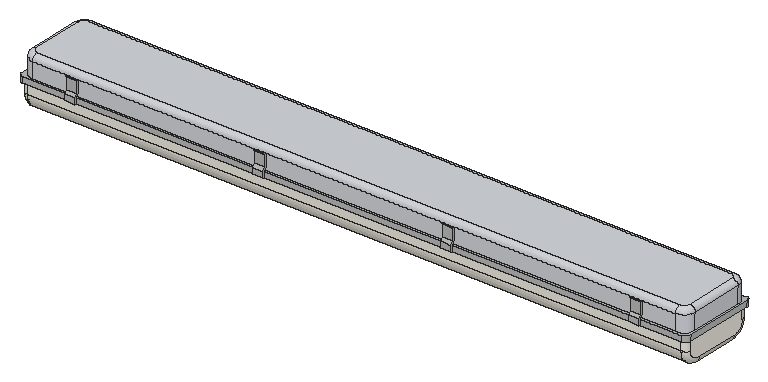
Revit family "АЙСБЕРГ", category Осветительные приборы, Revit 2019 (continued)
Types (8, lengths in mm): name | Файл фотометрической сетки | built-in parameter 1150105 | Lumens | built-in parameter 1150106 | built-in parameter 1150142 | Wattage | ADSK_Ток | ADSK_Полная мощность | ADSK_Обозначение | ADSK_Номинальная мощность | ADSK_Наименование | ADSK_Код изделия
  CSVT Айсберг-38/MILKY  (IP65, 5000К ) c БАП на 3 час. | "CSVT Iceberg-38Milky.ies" | 358.1 (stored number, unit not read) | 4500 lm | 3.581 (stored number, unit not read) | "IESNA:LM-63-95\r\n[TEST] Протокол № 50\r\n[DATA] 17.06.2016\r\n[MORE] \r\n[MANUFAC] ЗАО \"Центрстройсвет\"\r\n[LUMCAT]  Светильник OPERLUX-34/PRISMA-(588x588) \r\n[LUMINAIRE]\r\n[LAMPCAT] Светодиоды\r\n[LAMP] Поток источника света (светодиодов) не известен\r\n[MORE] КСС приведена в абсолютных величинах кд\r\n[MORE] Вместо потока лампы, указан поток светильника.\r\nTILT=NONE\r\n1    3050 1.0 37 73 1 2 0.588 0.588 0.08\r\n1.0 1.0 34\r\n0.0 5.0 10.0 15.0 20.0 25.0 30.0 35.0 40.0 45.0 50.0 55.0 60.0 65.0 70.0 75.0 80.0 85.0 90.0 95.0 100.0 105.0 110.0 115.0 120.0 125.0 130.0 135.0 140.0 145.0 150.0 155.0 160.0 165.0 170.0 175.0 180.0\r\n0.0 5.0 10.0 15.0 20.0 25.0 30.0 35.0 40.0 45.0 50.0 55.0 60.0 65.0 70.0 75.0 80.0 85.0 90.0 95.0 100.0 105.0 110.0 115.0 120.0 125.0 130.0 135.0 140.0 145.0 150.0 155.0 160.0 165.0 170.0 175.0 180.0 185.0 190.0 195.0 200.0 205.0 210.0 215.0 220.0 225.0 230.0 235.0 240.0 245.0 250.0 255.0 260.0 265.0 270.0 275.0 280.0 285.0 290.0 295.0 300.0 305.0 310.0 315.0 320.0 325.0 330.0 335.0 340.0 345.0 350.0 355.0 360.0\r\n1367.8 1364.1 1339.9 1310.7 1251.0 1171.4 1077.9 956.5 826.9 709.2 591.4 468.7 352.2 267.2 190.7 130.0 88.6 43.5 5.5 0.0 0.0 0.0 0.0 0.0 0.0 0.0 0.0 0.0 0.0 0.0 0.0 0.0 0.0 0.0 0.0 0.0 0.0\r\n1367.8 1365.7 1344.6 1309.2 1251.5 1175.2 1073.4 954.2 830.4 711.2 594.6 469.5 356.0 268.7 191.9 132.6 89.9 43.9 6.3 0.0 0.0 0.0 0.0 0.0 0.0 0.0 0.0 0.0 0.0 0.0 0.0 0.0 0.0 0.0 0.0 0.0 0.0\r\n1367.8 1367.4 1347.2 1302.8 1251.5 1178.6 1078.4 958.6 835.1 714.0 597.2 474.3 359.6 268.7 192.7 135.6 92.1 44.3 6.9 0.0 0.0 0.0 0.0 0.0 0.0 0.0 0.0 0.0 0.0 0.0 0.0 0.0 0.0 0.0 0.0 0.0 0.0\r\n1367.8 1368.2 1346.2 1303.1 1250.1 1177.1 1081.4 960.9 838.1 716.2 597.6 475.0 358.6 266.4 190.9 134.8 91.7 44.9 7.0 0.0 0.0 0.0 0.0 0.0 0.0 0.0 0.0 0.0 0.0 0.0 0.0 0.0 0.0 0.0 0.0 0.0 0.0\r\n1367.8 1367.7 1343.5 1306.2 1256.1 1180.0 1081.0 961.6 838.1 714.0 595.7 473.1 356.8 262.2 188.3 132.8 89.3 43.7 6.6 0.0 0.0 0.0 0.0 0.0 0.0 0.0 0.0 0.0 0.0 0.0 0.0 0.0 0.0 0.0 0.0 0.0 0.0\r\n1367.8 1366.2 1344.8 1309.0 1256.2 1184.6 1080.4 962.6 836.8 714.8 593.8 469.6 354.4 260.1 184.9 130.4 88.4 44.2 6.5 0.0 0.0 0.0 0.0 0.0 0.0 0.0 0.0 0.0 0.0 0.0 0.0 0.0 0.0 0.0 0.0 0.0 0.0\r\n1367.8 1364.3 1347.6 1312.1 1259.9 1177.4 1078.5 968.2 849.1 721.6 596.0 467.2 355.0 257.4 183.3 127.1 87.5 45.4 6.5 0.0 0.0 0.0 0.0 0.0 0.0 0.0 0.0 0.0 0.0 0.0 0.0 0.0 0.0 0.0 0.0 0.0 0.0\r\n1367.8 1363.3 1348.8 1312.0 1262.8 1181.2 1077.4 968.8 853.2 730.0 597.2 466.8 353.5 256.9 181.1 124.8 87.2 45.9 6.9 0.0 0.0 0.0 0.0 0.0 0.0 0.0 0.0 0.0 0.0 0.0 0.0 0.0 0.0 0.0 0.0 0.0 0.0\r\n1367.8 1364.0 1350.3 1308.2 1255.9 1182.2 1079.9 969.0 856.0 734.3 601.1 468.4 352.6 254.4 178.0 121.7 85.5 45.0 6.9 0.0 0.0 0.0 0.0 0.0 0.0 0.0 0.0 0.0 0.0 0.0 0.0 0.0 0.0 0.0 0.0 0.0 0.0\r\n1367.8 1364.9 1349.2 1313.0 1259.2 1178.2 1076.4 970.7 860.9 740.8 606.9 469.1 350.2 254.0 175.6 117.8 83.6 43.4 6.7 0.0 0.0 0.0 0.0 0.0 0.0 0.0 0.0 0.0 0.0 0.0 0.0 0.0 0.0 0.0 0.0 0.0 0.0\r\n1367.8 1365.0 1348.6 1315.3 1261.5 1184.1 1082.6 973.9 862.8 745.2 607.9 469.0 350.5 253.1 173.2 116.2 81.4 42.4 6.5 0.0 0.0 0.0 0.0 0.0 0.0 0.0 0.0 0.0 0.0 0.0 0.0 0.0 0.0 0.0 0.0 0.0 0.0\r\n1367.8 1364.4 1347.9 1315.3 1258.7 1186.3 1085.9 970.5 862.2 747.0 613.0 468.8 350.2 252.8 173.4 116.6 79.8 40.9 6.7 0.0 0.0 0.0 0.0 0.0 0.0 0.0 0.0 0.0 0.0 0.0 0.0 0.0 0.0 0.0 0.0 0.0 0.0\r\n1367.8 1363.4 1347.0 1308.3 1258.6 1184.3 1089.8 973.9 867.7 742.3 606.2 467.0 350.0 252.6 175.4 119.1 79.8 42.1 7.1 0.0 0.0 0.0 0.0 0.0 0.0 0.0 0.0 0.0 0.0 0.0 0.0 0.0 0.0 0.0 0.0 0.0 0.0\r\n1367.8 1362.6 1348.4 1308.2 1261.4 1190.2 1088.3 978.6 869.6 744.0 601.1 462.4 350.2 253.6 175.9 123.0 83.5 45.3 7.8 0.0 0.0 0.0 0.0 0.0 0.0 0.0 0.0 0.0 0.0 0.0 0.0 0.0 0.0 0.0 0.0 0.0 0.0\r\n1367.8 1362.3 1347.3 1311.1 1262.3 1191.1 1093.6 982.5 872.1 746.6 597.2 461.1 348.8 251.4 176.3 127.6 89.2 48.5 7.9 0.0 0.0 0.0 0.0 0.0 0.0 0.0 0.0 0.0 0.0 0.0 0.0 0.0 0.0 0.0 0.0 0.0 0.0\r\n1367.8 1362.5 1345.8 1316.1 1260.6 1190.3 1096.8 982.6 873.3 743.8 593.1 456.4 347.2 250.6 175.7 130.9 94.2 51.8 9.3 0.0 0.0 0.0 0.0 0.0 0.0 0.0 0.0 0.0 0.0 0.0 0.0 0.0 0.0 0.0 0.0 0.0 0.0\r\n1367.8 1363.2 1345.2 1315.5 1267.1 1195.5 1096.1 995.9 871.3 740.3 589.0 455.0 342.8 246.9 174.2 131.9 97.1 52.4 10.1 0.0 0.0 0.0 0.0 0.0 0.0 0.0 0.0 0.0 0.0 0.0 0.0 0.0 0.0 0.0 0.0 0.0 0.0\r\n1367.8 1364.5 1346.0 1317.2 1264.0 1194.7 1102.6 991.8 873.9 736.2 584.7 454.3 338.6 243.0 171.3 130.1 99.3 53.7 9.5 0.0 0.0 0.0 0.0 0.0 0.0 0.0 0.0 0.0 0.0 0.0 0.0 0.0 0.0 0.0 0.0 0.0 0.0\r\n1367.8 1365.9 1346.4 1317.1 1264.0 1198.2 1105.3 994.6 872.6 727.7 582.0 451.8 335.8 239.9 168.3 127.6 100.0 55.8 7.5 0.0 0.0 0.0 0.0 0.0 0.0 0.0 0.0 0.0 0.0 0.0 0.0 0.0 0.0 0.0 0.0 0.0 0.0\r\n1367.8 1366.3 1344.9 1317.5 1265.6 1200.4 1108.2 997.2 868.8 722.7 575.8 446.5 333.1 238.4 167.7 126.3 98.1 56.1 8.8 0.0 0.0 0.0 0.0 0.0 0.0 0.0 0.0 0.0 0.0 0.0 0.0 0.0 0.0 0.0 0.0 0.0 0.0\r\n1367.8 1365.9 1344.0 1313.0 1263.2 1200.6 1104.3 997.0 862.7 720.9 568.5 441.0 331.7 237.8 167.7 126.3 96.7 53.7 9.4 0.0 0.0 0.0 0.0 0.0 0.0 0.0 0.0 0.0 0.0 0.0 0.0 0.0 0.0 0.0 0.0 0.0 0.0\r\n1367.8 1365.3 1346.1 1312.6 1263.0 1198.3 1108.1 995.3 861.6 712.7 563.4 437.4 331.4 236.8 165.9 124.7 95.3 55.2 9.1 0.0 0.0 0.0 0.0 0.0 0.0 0.0 0.0 0.0 0.0 0.0 0.0 0.0 0.0 0.0 0.0 0.0 0.0\r\n1367.8 1364.9 1349.2 1313.0 1262.9 1199.0 1108.3 993.8 855.7 710.3 563.1 435.2 329.9 233.9 163.4 121.6 92.0 55.1 8.8 0.0 0.0 0.0 0.0 0.0 0.0 0.0 0.0 0.0 0.0 0.0 0.0 0.0 0.0 0.0 0.0 0.0 0.0\r\n1367.8 1364.1 1352.0 1313.2 1259.2 1197.0 1104.6 988.6 849.9 704.2 562.4 433.5 327.9 230.5 158.4 116.9 87.6 51.4 7.8 0.0 0.0 0.0 0.0 0.0 0.0 0.0 0.0 0.0 0.0 0.0 0.0 0.0 0.0 0.0 0.0 0.0 0.0\r\n1367.8 1363.0 1349.6 1313.3 1257.8 1193.2 1098.7 980.1 848.0 708.1 565.6 433.4 325.1 228.0 154.2 111.3 83.7 49.7 7.5 0.0 0.0 0.0 0.0 0.0 0.0 0.0 0.0 0.0 0.0 0.0 0.0 0.0 0.0 0.0 0.0 0.0 0.0\r\n1367.8 1361.9 1346.7 1314.1 1256.8 1193.2 1093.6 977.6 847.2 708.6 569.1 434.8 324.5 225.9 151.7 107.5 81.6 48.9 7.3 0.0 0.0 0.0 0.0 0.0 0.0 0.0 0.0 0.0 0.0 0.0 0.0 0.0 0.0 0.0 0.0 0.0 0.0\r\n1367.8 1361.2 1345.0 1309.5 1261.1 1193.3 1089.9 973.2 851.1 709.3 572.7 435.0 323.4 225.4 152.1 105.8 80.4 49.9 7.3 0.0 0.0 0.0 0.0 0.0 0.0 0.0 0.0 0.0 0.0 0.0 0.0 0.0 0.0 0.0 0.0 0.0 0.0\r\n1367.8 1360.5 1345.3 1307.2 1258.6 1186.4 1085.9 974.0 847.9 714.1 575.5 436.8 321.2 223.3 152.0 105.2 79.8 49.6 8.0 0.0 0.0 0.0 0.0 0.0 0.0 0.0 0.0 0.0 0.0 0.0 0.0 0.0 0.0 0.0 0.0 0.0 0.0\r\n1367.8 1360.0 1344.3 1308.1 1257.8 1178.2 1085.3 975.1 848.7 715.2 575.4 439.1 318.7 223.0 150.8 104.3 79.3 49.5 8.2 0.0 0.0 0.0 0.0 0.0 0.0 0.0 0.0 0.0 0.0 0.0 0.0 0.0 0.0 0.0 0.0 0.0 0.0\r\n1367.8 1360.5 1346.2 1311.6 1256.3 1174.7 1082.9 978.6 851.4 710.5 574.9 440.6 317.9 221.6 152.3 106.4 79.3 48.7 8.4 0.0 0.0 0.0 0.0 0.0 0.0 0.0 0.0 0.0 0.0 0.0 0.0 0.0 0.0 0.0 0.0 0.0 0.0\r\n1367.8 1361.9 1350.3 1309.3 1252.2 1172.6 1080.3 970.8 851.2 713.3 570.6 439.7 319.0 222.4 154.5 110.7 81.7 47.4 8.1 0.0 0.0 0.0 0.0 0.0 0.0 0.0 0.0 0.0 0.0 0.0 0.0 0.0 0.0 0.0 0.0 0.0 0.0\r\n1367.8 1363.7 1348.0 1307.6 1253.5 1171.4 1087.1 971.6 851.9 710.7 569.9 438.2 323.8 226.5 159.3 115.4 83.3 45.0 7.6 0.0 0.0 0.0 0.0 0.0 0.0 0.0 0.0 0.0 0.0 0.0 0.0 0.0 0.0 0.0 0.0 0.0 0.0\r\n1367.8 1365.3 1346.4 1312.3 1251.8 1172.7 1086.5 974.6 847.7 705.0 567.7 442.4 326.6 234.0 164.3 120.1 85.8 43.9 7.4 0.0 0.0 0.0 0.0 0.0 0.0 0.0 0.0 0.0 0.0 0.0 0.0 0.0 0.0 0.0 0.0 0.0 0.0\r\n1367.8 1366.2 1347.0 1309.1 1250.4 1170.7 1085.2 978.5 846.6 705.8 567.4 441.3 331.1 236.3 167.7 122.8 88.4 45.0 8.1 0.0 0.0 0.0 0.0 0.0 0.0 0.0 0.0 0.0 0.0 0.0 0.0 0.0 0.0 0.0 0.0 0.0 0.0\r\n1367.8 1366.0 1347.9 1306.2 1240.5 1166.7 1082.2 977.2 844.2 702.8 566.8 442.7 335.1 241.3 169.7 123.7 90.0 45.9 9.2 0.0 0.0 0.0 0.0 0.0 0.0 0.0 0.0 0.0 0.0 0.0 0.0 0.0 0.0 0.0 0.0 0.0 0.0\r\n1367.8 1364.3 1346.5 1311.7 1250.6 1170.3 1080.9 980.5 844.4 703.8 569.8 446.4 334.2 240.3 169.5 121.7 87.9 46.9 9.3 0.0 0.0 0.0 0.0 0.0 0.0 0.0 0.0 0.0 0.0 0.0 0.0 0.0 0.0 0.0 0.0 0.0 0.0\r\n1367.8 1361.6 1341.0 1307.3 1249.6 1169.2 1088.8 980.5 845.1 706.2 571.7 444.8 333.0 238.4 168.9 120.7 87.1 47.8 7.8 0.0 0.0 0.0 0.0 0.0 0.0 0.0 0.0 0.0 0.0 0.0 0.0 0.0 0.0 0.0 0.0 0.0 0.0\r\n1367.8 1359.4 1337.2 1303.3 1252.4 1170.4 1080.4 978.1 841.4 701.4 566.4 444.4 333.5 241.2 169.4 122.2 88.2 47.2 9.5 0.0 0.0 0.0 0.0 0.0 0.0 0.0 0.0 0.0 0.0 0.0 0.0 0.0 0.0 0.0 0.0 0.0 0.0\r\n1367.8 1359.3 1342.6 1310.3 1242.7 1173.0 1078.8 976.3 844.8 702.0 565.3 440.7 332.8 240.9 169.9 123.5 89.5 46.1 9.1 0.0 0.0 0.0 0.0 0.0 0.0 0.0 0.0 0.0 0.0 0.0 0.0 0.0 0.0 0.0 0.0 0.0 0.0\r\n1367.8 1361.3 1345.4 1306.4 1248.2 1167.7 1080.4 980.5 846.8 703.5 567.2 443.4 333.2 240.2 168.7 123.1 88.4 46.2 8.4 0.0 0.0 0.0 0.0 0.0 0.0 0.0 0.0 0.0 0.0 0.0 0.0 0.0 0.0 0.0 0.0 0.0 0.0\r\n1367.8 1364.4 1343.1 1308.2 1251.3 1170.9 1084.2 980.8 848.5 707.7 571.1 445.6 332.7 238.1 167.5 120.7 85.6 44.6 7.7 0.0 0.0 0.0 0.0 0.0 0.0 0.0 0.0 0.0 0.0 0.0 0.0 0.0 0.0 0.0 0.0 0.0 0.0\r\n1367.8 1366.7 1342.9 1310.2 1254.3 1176.8 1087.8 981.7 853.4 711.9 574.2 446.0 329.4 232.8 162.6 116.6 83.7 45.3 8.1 0.0 0.0 0.0 0.0 0.0 0.0 0.0 0.0 0.0 0.0 0.0 0.0 0.0 0.0 0.0 0.0 0.0 0.0\r\n1367.8 1367.7 1346.5 1310.6 1258.1 1183.1 1085.5 978.6 854.1 714.2 577.9 448.7 327.1 229.4 158.3 112.1 82.0 47.9 9.0 0.0 0.0 0.0 0.0 0.0 0.0 0.0 0.0 0.0 0.0 0.0 0.0 0.0 0.0 0.0 0.0 0.0 0.0\r\n1367.8 1367.3 1348.0 1310.6 1262.6 1180.1 1086.5 982.6 856.7 719.8 579.9 448.7 324.7 226.8 155.7 107.8 80.3 50.1 9.5 0.0 0.0 0.0 0.0 0.0 0.0 0.0 0.0 0.0 0.0 0.0 0.0 0.0 0.0 0.0 0.0 0.0 0.0\r\n1367.8 1365.6 1348.6 1309.9 1259.0 1186.0 1089.0 979.4 855.0 722.2 584.2 450.5 325.6 227.6 155.8 107.2 80.5 51.4 9.6 0.0 0.0 0.0 0.0 0.0 0.0 0.0 0.0 0.0 0.0 0.0 0.0 0.0 0.0 0.0 0.0 0.0 0.0\r\n1367.8 1363.3 1347.7 1306.8 1261.1 1190.7 1095.5 982.3 860.8 723.2 585.7 446.3 327.8 230.3 158.2 109.3 81.7 51.4 9.3 0.0 0.0 0.0 0.0 0.0 0.0 0.0 0.0 0.0 0.0 0.0 0.0 0.0 0.0 0.0 0.0 0.0 0.0\r\n1367.8 1361.0 1344.4 1306.7 1264.4 1191.7 1095.0 984.8 858.7 723.1 583.6 444.8 328.4 232.3 158.6 109.9 81.8 51.7 9.0 0.0 0.0 0.0 0.0 0.0 0.0 0.0 0.0 0.0 0.0 0.0 0.0 0.0 0.0 0.0 0.0 0.0 0.0\r\n1367.8 1359.1 1344.3 1308.4 1263.8 1198.1 1102.2 989.8 861.5 721.8 582.8 444.8 331.3 233.7 158.6 111.1 83.0 50.9 8.9 0.0 0.0 0.0 0.0 0.0 0.0 0.0 0.0 0.0 0.0 0.0 0.0 0.0 0.0 0.0 0.0 0.0 0.0\r\n1367.8 1357.8 1346.5 1313.8 1263.6 1192.7 1107.0 996.3 859.5 718.8 579.1 442.9 332.1 234.9 160.7 114.1 84.6 51.0 9.2 0.0 0.0 0.0 0.0 0.0 0.0 0.0 0.0 0.0 0.0 0.0 0.0 0.0 0.0 0.0 0.0 0.0 0.0\r\n1367.8 1357.7 1347.3 1313.2 1264.3 1198.9 1108.1 998.6 864.9 718.7 573.2 441.1 332.1 237.8 164.0 118.2 87.5 52.0 9.8 0.0 0.0 0.0 0.0 0.0 0.0 0.0 0.0 0.0 0.0 0.0 0.0 0.0 0.0 0.0 0.0 0.0 0.0\r\n1367.8 1358.5 1346.9 1313.1 1266.5 1195.6 1112.2 1002.8 870.4 722.5 574.7 443.8 335.7 239.1 166.4 121.6 91.2 55.8 10.9 0.0 0.0 0.0 0.0 0.0 0.0 0.0 0.0 0.0 0.0 0.0 0.0 0.0 0.0 0.0 0.0 0.0 0.0\r\n1367.8 1359.8 1344.7 1312.9 1269.5 1203.1 1107.5 1002.6 874.5 724.4 574.3 444.8 335.5 240.3 169.6 124.4 94.2 56.9 11.6 0.0 0.0 0.0 0.0 0.0 0.0 0.0 0.0 0.0 0.0 0.0 0.0 0.0 0.0 0.0 0.0 0.0 0.0\r\n1367.8 1361.7 1344.5 1316.7 1266.1 1199.3 1111.1 1004.7 879.7 733.6 577.6 446.7 337.8 241.2 168.7 126.0 96.3 56.5 11.7 0.0 0.0 0.0 0.0 0.0 0.0 0.0 0.0 0.0 0.0 0.0 0.0 0.0 0.0 0.0 0.0 0.0 0.0\r\n1367.8 1363.9 1346.7 1316.2 1265.7 1198.1 1117.1 1006.7 882.1 737.2 586.5 450.4 338.9 242.3 167.8 125.5 98.6 58.1 10.5 0.0 0.0 0.0 0.0 0.0 0.0 0.0 0.0 0.0 0.0 0.0 0.0 0.0 0.0 0.0 0.0 0.0 0.0\r\n1367.8 1365.2 1345.4 1319.5 1265.7 1198.8 1109.1 1003.5 876.9 742.6 589.1 456.4 341.1 242.1 167.5 126.8 100.2 57.9 8.8 0.0 0.0 0.0 0.0 0.0 0.0 0.0 0.0 0.0 0.0 0.0 0.0 0.0 0.0 0.0 0.0 0.0 0.0\r\n1367.8 1365.0 1345.2 1312.9 1265.8 1199.0 1109.7 999.6 877.6 742.6 595.8 457.7 342.1 245.3 170.4 128.5 99.0 56.9 11.0 0.0 0.0 0.0 0.0 0.0 0.0 0.0 0.0 0.0 0.0 0.0 0.0 0.0 0.0 0.0 0.0 0.0 0.0\r\n1367.8 1364.1 1347.9 1311.6 1271.1 1195.3 1102.7 998.9 881.1 745.5 597.2 460.9 345.1 248.6 174.0 129.7 96.5 55.6 11.2 0.0 0.0 0.0 0.0 0.0 0.0 0.0 0.0 0.0 0.0 0.0 0.0 0.0 0.0 0.0 0.0 0.0 0.0\r\n1367.8 1363.0 1347.3 1314.0 1269.6 1192.3 1104.9 991.5 878.3 748.8 603.5 463.3 348.1 251.3 177.2 130.4 94.2 55.0 10.3 0.0 0.0 0.0 0.0 0.0 0.0 0.0 0.0 0.0 0.0 0.0 0.0 0.0 0.0 0.0 0.0 0.0 0.0\r\n1367.8 1362.4 1346.2 1314.7 1264.3 1194.7 1094.8 992.0 878.4 749.1 608.2 465.6 349.4 252.9 177.2 127.6 90.1 51.7 8.7 0.0 0.0 0.0 0.0 0.0 0.0 0.0 0.0 0.0 0.0 0.0 0.0 0.0 0.0 0.0 0.0 0.0 0.0\r\n1367.8 1362.7 1348.0 1314.5 1265.5 1196.6 1094.9 983.4 872.0 752.6 609.3 469.0 352.6 254.1 177.1 125.0 85.8 47.2 8.1 0.0 0.0 0.0 0.0 0.0 0.0 0.0 0.0 0.0 0.0 0.0 0.0 0.0 0.0 0.0 0.0 0.0 0.0\r\n1367.8 1362.9 1347.6 1317.1 1264.6 1191.1 1090.4 981.6 868.8 748.7 612.1 472.2 352.0 253.6 176.2 121.4 83.1 43.4 6.9 0.0 0.0 0.0 0.0 0.0 0.0 0.0 0.0 0.0 0.0 0.0 0.0 0.0 0.0 0.0 0.0 0.0 0.0\r\n1367.8 1362.5 1343.6 1318.7 1268.8 1192.3 1085.5 974.5 866.1 750.5 612.3 472.0 350.7 253.1 174.7 119.5 83.2 43.3 6.3 0.0 0.0 0.0 0.0 0.0 0.0 0.0 0.0 0.0 0.0 0.0 0.0 0.0 0.0 0.0 0.0 0.0 0.0\r\n1367.8 1362.1 1341.3 1317.3 1267.8 1185.0 1082.2 972.1 864.2 747.6 611.4 473.0 350.1 254.2 174.7 118.9 84.4 45.4 6.1 0.0 0.0 0.0 0.0 0.0 0.0 0.0 0.0 0.0 0.0 0.0 0.0 0.0 0.0 0.0 0.0 0.0 0.0\r\n1367.8 1362.2 1343.6 1308.9 1260.0 1189.4 1084.9 971.7 859.6 740.4 606.9 470.8 351.4 253.9 176.6 120.3 86.5 45.9 6.5 0.0 0.0 0.0 0.0 0.0 0.0 0.0 0.0 0.0 0.0 0.0 0.0 0.0 0.0 0.0 0.0 0.0 0.0\r\n1367.8 1363.0 1342.9 1314.5 1263.9 1184.9 1081.6 971.9 853.4 735.2 605.3 467.7 352.3 254.8 180.1 122.7 87.8 46.6 6.8 0.0 0.0 0.0 0.0 0.0 0.0 0.0 0.0 0.0 0.0 0.0 0.0 0.0 0.0 0.0 0.0 0.0 0.0\r\n1367.8 1364.3 1340.2 1313.1 1261.0 1182.5 1084.4 971.4 852.3 730.7 600.0 466.2 354.3 255.8 181.2 124.6 88.4 46.8 6.6 0.0 0.0 0.0 0.0 0.0 0.0 0.0 0.0 0.0 0.0 0.0 0.0 0.0 0.0 0.0 0.0 0.0 0.0\r\n1367.8 1365.9 1343.5 1308.2 1258.3 1181.3 1083.1 966.4 845.6 721.0 594.9 467.0 352.2 259.1 183.4 126.7 88.1 45.4 6.1 0.0 0.0 0.0 0.0 0.0 0.0 0.0 0.0 0.0 0.0 0.0 0.0 0.0 0.0 0.0 0.0 0.0 0.0\r\n1367.8 1366.3 1345.1 1308.7 1254.7 1177.8 1080.9 969.9 838.6 714.9 593.4 465.7 351.7 258.6 185.5 129.6 88.1 44.0 5.9 0.0 0.0 0.0 0.0 0.0 0.0 0.0 0.0 0.0 0.0 0.0 0.0 0.0 0.0 0.0 0.0 0.0 0.0\r\n1367.8 1364.5 1343.2 1306.3 1248.4 1177.3 1082.4 962.7 833.3 713.0 595.0 468.9 352.8 260.9 187.3 132.3 88.7 43.5 6.0 0.0 0.0 0.0 0.0 0.0 0.0 0.0 0.0 0.0 0.0 0.0 0.0 0.0 0.0 0.0 0.0 0.0 0.0\r\n1367.8 1362.4 1346.0 1305.7 1255.8 1170.9 1078.4 956.8 832.7 709.6 592.6 470.6 355.6 263.8 189.2 133.7 90.3 44.0 6.3 0.0 0.0 0.0 0.0 0.0 0.0 0.0 0.0 0.0 0.0 0.0 0.0 0.0 0.0 0.0 0.0 0.0 0.0\r\n1367.8 1362.0 1346.8 1311.0 1252.6 1177.3 1074.5 958.3 825.6 709.7 591.0 467.7 356.3 264.6 188.4 133.0 90.3 43.3 6.2 0.0 0.0 0.0 0.0 0.0 0.0 0.0 0.0 0.0 0.0 0.0 0.0 0.0 0.0 0.0 0.0 0.0 0.0\r\n1367.8 1363.0 1341.5 1311.3 1242.3 1175.5 1082.4 953.9 818.8 707.4 591.0 466.6 352.5 265.4 188.6 130.9 89.0 43.1 6.3 0.0 0.0 0.0 0.0 0.0 0.0 0.0 0.0 0.0 0.0 0.0 0.0 0.0 0.0 0.0 0.0 0.0 0.0\r\n1367.8 1364.1 1339.9 1310.7 1251.0 1171.4 1077.9 956.5 826.9 709.2 591.4 468.7 352.2 267.2 190.7 130.0 88.6 43.5 5.5 0.0 0.0 0.0 0.0 0.0 0.0 0.0 0.0 0.0 0.0 0.0 0.0 0.0 0.0 0.0 0.0 0.0 0.0\r\n" | 30.2945 W | 0.179584 A | 41.3043 VA | "CSVT Айсберг-38/MILKY (IP65, 5000К )" | 38 W | "Светодиодный пылевлагозащищенный светильник CSVT Айсберг-38/MILKY  (IP65, 5000К ) c БАП на 3 часа" | "ЦБ000009151"
  CSVT Айсберг-57/MILKY  (IP65, 5000К ) | "CSVT Iceberg-57Milky.ies" | 517.25 (stored number, unit not read) | 6500 lm | 5.1725 (stored number, unit not read) | "IESNA:LM-63-1995\r\n[DATA] 19.04.2017\r\n[MANUFAC] Joint stock company Centrstroysvet\r\n[LUMCAT] CSVT Iceberg-57/Milky\r\n[LUMINAIRE] For general lighting applications in buildings with high humidity and dust\r\n[LAMP] LED\r\nTILT=NONE\r\n1 6505 6.505 181 2 1 2\r\n1.27 0.152 0.1\r\n1 1 57.3\r\n0 1 2 3 4 5 6 7 8 9 10 11 12 13 14 15 16 17 18 19 20 21 22 23 24 25 26 27 28 29 30 31 32 33 34 35 36 37 38 39 40 41 42 43 44 45 46 47 48 49 50 51 52 53 54 55 56 57 58 59 60 61 62 63 64 65 66 67 68 69 70 71 72 73 74 75 76 77 78 79 80 81 82 83 84 85 86 87 88 89 90 91 92 93 94 95 96 97 98 99 100 101 102 103 104 105 106 107 108 109 110 111 112 113 114 115 116 117 118 119 120 121 122 123 124 125 126 127 128 129 130 131 132 133 134 135 136 137 138 139 140 141 142 143 144 145 146 147 148 149 150 151 152 153 154 155 156 157 158 159 160 161 162 163 164 165 166 167 168 169 170 171 172 173 174 175 176 177 178 179 180 \r\n0 90 \r\n289.1 289.1 289 288.7 288.5 288.1 287.7 287.1 286.5 285.7 284.9 284 283 282 280.9 279.6 278.4 277 275.6 274 272.4 270.7 269 267.2 265.3 263.3 261.3 259.2 256.9 254.7 252.4 250 247.6 245 242.5 239.9 237.2 234.5 231.7 228.9 226 223.1 220.1 217.1 214 210.8 207.6 204.3 201 197.7 194.3 190.9 187.5 184 180.5 177 173.4 169.8 166.2 162.5 158.8 155.2 151.4 147.7 144 140.2 136.5 132.8 129.1 125.4 121.7 118 114.4 110.8 107.3 103.8 100.4 96.9 93.5 90.3 87 83.9 80.9 78 75 72.2 69.5 67 64.5 62.2 60 57.8 55.8 53.9 51.9 50 48.2 46.5 44.9 43.3 41.8 40.3 38.9 37.7 36.4 35.2 34 32.9 31.7 30.6 29.6 28.6 27.6 26.7 25.7 24.8 23.9 23 22.1 21.3 20.5 19.7 18.9 18.2 17.5 16.8 16.1 15.4 14.8 14.1 13.5 12.9 12.3 11.7 11.2 10.6 10.1 9.5 9.1 8.6 8.1 7.7 7.2 6.8 6.4 6 5.7 5.3 4.9 4.5 4.3 4 3.7 3.4 3.1 2.9 2.7 2.5 2.4 2.2 2.1 2 2 1.9 1.9 1.9 1.9 1.9 1.9 1.8 1.8 1.8 1.8 1.7 1.7 1.8 0 0 0 0 0\r\n289.1 289.1 288.9 288.6 288.2 287.7 287.1 286.4 285.5 284.5 283.4 282.2 280.8 279.5 277.9 276.3 274.6 272.7 270.8 268.9 266.7 264.5 262.1 259.7 257.2 254.6 251.9 249.1 246.2 243.3 240.2 237.2 233.9 230.7 227.4 223.9 220.5 217 213.5 209.9 206.2 202.5 198.6 194.8 191.2 187.2 183.2 179.1 174.9 170.7 166.5 162.2 158.1 153.5 149.2 144.7 140.3 136.1 131.6 127 122.4 117.7 113.2 108.6 103.9 99 94.4 90 85.3 80.4 75.6 71.1 66.2 61.4 56.6 51.9 47.7 43.2 38.7 34.5 30.3 26.4 22.7 19.1 15.8 12.8 10.1 8 6.6 5.6 5.1 5.1 4.9 4.9 4.8 4.8 4.7 4.6 4.6 4.5 4.4 4.4 4.3 4.3 4.2 4.2 4.1 4.1 4 4 3.9 3.8 3.8 3.7 3.6 3.6 3.5 3.5 3.5 3.4 3.3 3.3 3.2 3.2 3.1 3 3 2.9 2.9 2.8 2.8 2.8 2.7 2.7 2.7 2.7 2.7 2.6 2.6 2.5 2.5 2.5 2.5 2.4 2.3 2.4 2.3 2.2 2.2 2.2 2.2 2.1 2.1 2.1 2 2 2 2 2 1.9 1.9 1.9 1.9 1.2 0 0 0 0 0 0 0 0 0 0 0 0 0 0 0 0 0\r\n" | 43.7587 W | 0.269376 A | 61.9565 VA | "CSVT Айсберг-57/MILKY (IP65, 5000К )" | 57 W | "Светодиодный пылевлагозащищенный светильник CSVT Айсберг-57/MILKY  (IP65, 5000К )" | "ЦБ000009193"
  CSVT Айсберг-38/MILKY (IP65, 5000К ) | "CSVT Iceberg-38Milky.ies" | 358.1 (stored number, unit not read) | 4500 lm | 3.581 (stored number, unit not read) | "IESNA:\r\n[DATA] 17.03.2017\r\n[MANUFAC] ЗАО ЦЕНТРСТРОЙСВЕТ\r\n[LUMCAT] CSVT Айсберг-38\r\n[LUMINAIRE] \r\n[LAMP] LED\r\nTILT=NONE\r\n1 4524 4.524 181 2 1 2\r\n1.27 0.155 0.1\r\n1 1 38.8\r\n0 1 2 3 4 5 6 7 8 9 10 11 12 13 14 15 16 17 18 19 20 21 22 23 24 25 26 27 28 29 30 31 32 33 34 35 36 37 38 39 40 41 42 43 44 45 46 47 48 49 50 51 52 53 54 55 56 57 58 59 60 61 62 63 64 65 66 67 68 69 70 71 72 73 74 75 76 77 78 79 80 81 82 83 84 85 86 87 88 89 90 91 92 93 94 95 96 97 98 99 100 101 102 103 104 105 106 107 108 109 110 111 112 113 114 115 116 117 118 119 120 121 122 123 124 125 126 127 128 129 130 131 132 133 134 135 136 137 138 139 140 141 142 143 144 145 146 147 148 149 150 151 152 153 154 155 156 157 158 159 160 161 162 163 164 165 166 167 168 169 170 171 172 173 174 175 176 177 178 179 180 \r\n0 90 \r\n331.3 337 342.1 333.1 322.8 328.6 339.2 334.8 328.3 342.2 363.2 370.1 382.4 414 430.8 406.9 359.2 310.3 270.1 241.3 224.7 219.8 226.6 241.6 251.9 261.5 288.2 320.6 342.3 355.8 356 342.5 330.5 318.6 306.8 304.2 299.9 291.9 291.2 296.6 301.5 301.6 289.5 263.7 232.3 202 178.5 162.7 155.1 156.7 168.7 184.4 194.5 198.6 196.2 189.8 183.3 185 197.5 212.5 213.8 204.4 191.4 178.7 167.7 159.5 157.3 152.7 147.4 137.6 127.8 124.3 122.7 116.2 103.5 96.4 94.1 89.1 79.8 73 69.6 64.2 57.6 50.7 44.6 40.1 35.2 30.7 27.5 24.3 21.5 19.2 17.1 15.5 14.2 13.1 12.2 11.3 10.3 9.2 8.2 7.4 6.7 6 5.3 4.8 4.2 4 4 3.8 3.8 3.7 3.7 3.7 3.6 3.6 3.8 3.8 3.7 3.6 3.5 3.4 3.4 3.5 3.5 3.6 3.6 3.7 3.5 3.1 1.4 1.4 1.4 1.3 1.2 1.1 1 1 0 0 0 0 0 0 0 0 0 0 0 0 0 0 0 0 0 0 0 0 0 0 0 0 0 0 0 0 0 0 0 0 0 0 0 0 0 0 0 0 0 0 0\r\n331.3 331.2 331.1 330.8 330.5 329.9 329.4 328.9 327.9 326.9 325.8 324.5 323.1 321.6 319.9 318.2 316.5 314.5 312.3 310.1 307.5 305 302.1 299 295.9 292.5 289 285.2 281.3 276.9 272.3 267.9 263.5 259.1 255 250.8 246.4 241.9 237.2 232.5 227.7 222.8 217.9 212.8 207.4 202 196.8 191.7 186.7 182 177.3 172.4 167.4 162.3 157.3 152.1 146.2 139.5 132.6 126.4 121.4 116.5 110.4 104.2 98.2 92.5 87.7 82.6 77.2 71.7 65.8 60.2 54.7 49.2 43.6 37.4 31.9 28 25.1 22.5 19.8 18 15.4 13.6 11.8 10.2 8.9 7.6 6.2 5.2 4.4 4.1 4.1 4.1 4.3 4.3 4.3 4.3 4.2 4 3.9 3.8 3.5 3.4 3.2 3.2 3.2 3 2.9 2.8 2.7 2.6 2.5 2.4 2.3 2.1 2 1.9 1.9 1.8 0 0 0 0 0 0 0 0 0 0 0 0 0 0 0 0 0 0 0 0 0 0 0 0 0 0 0 0 0 0 0 0 0 0 0 0 0 0 0 0 0 0 0 0 0 0 0 0 0 0 0 0 0 0 0 0 0 0 0 0 0\r\n" | 30.2945 W | 0.179584 A | 41.3043 VA | "CSVT Айсберг-38 (IP65, 5000К)" | 38 W | "Светодиодный пылевлагозащищенный светильник CSVT Айсберг-38 (IP65, 5000К)" | "ЦБ000009149"
